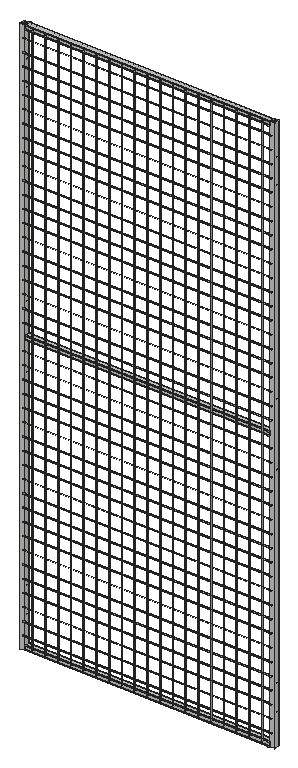
Revit family "Walls_Other_Troax_Separator_UR-350", category Furniture, Revit 2017
Family settings
  OmniClass Number = 23.25.40.00
  OmniClass Title = Space Division Products
  Work Plane-Based = No
  Always vertical = Yes
  Cut with Voids When Loaded = No
  Shared = No
  Room Calculation Point = No
Parameters (values of type "Caelum mesh panel UR350 1000mm")
  WarrantyStartDate [instance] = "n/a"
  WarrantyGuarantorParts = "n/a"
  WarrantyGuarantorLabor = "n/a"
  WarrantyDurationUnit = "Year"
  WarrantyDurationParts = "n/a"
  WarrantyDurationLabor = "n/a"
  WarrantyDescription = "n/a"
  WallType = ur350 1000 : ur350 1000
  WallPanelMainMaterial = Steel, Carbon
  VersionDate = "01/07/2020"  # constant formula
  Version = "1"  # constant formula
  Uniclass2015Reference = "Pr_25_71_57_60"
  Uniclass2015Description = "Partition panels"
  Uniclass2 = "Pr_25_71_57_60"
  URL = "https://www.troax.com/ro/warehouse-partitioning/warehouse-partitions-and-industrial-partitions#qt-related-product-index=1"
  Type Comments = ""
  TagNumber [instance] = "n/a"
  SustainabilityPerformance = "n/a"
  Size = "21x2200x1000 mm"
  Shape = "Sculptured"
  SerialNumber [instance] = "n/a"
  Revision = "2"  # constant formula
  ReplacementCost = "n/a"
  ProductInformation = "Caelum mesh partitioning is a modular system available in various widths and heights that is suitable for industrial storage applications."
  ProductDatasheet = "https://www.troax.com/sites/all/files/files/troax_-_ur_350_caelum_-_2013-07-03.pdf"
  NominalWidth = 1000 mm
  NominalThickness = 0 mm
  NominalHeight = 2200 mm
  NominalDepth = 21 mm
  Name = "Troax_Separator_UR-350_1000"
  NBSReference = "45-35-80/420"
  NBSDescription = "Panel partitions"
  ModelReference = "n/a"
  ModelNumber = "n/a"
  Material = "Carbon steel"
  ManufacturerURL = "https://www.troax.com/gb"
  ManufacturerName = "Troax"
  Model = "Caelum mesh panel UR350 1000mm"
  Manufacturer = "Troax"
  MainColor = "Grey"
  InstallationDate [instance] = "n/a"
  IfcExportType = "FENCE"  # constant formula
  IfcExportAs = "IfcSystemFurnitureElementTypePanel"  # constant formula
  HasOpening = yes
  Grade = "n/a"
  FurniturePanelType = "Other"  # constant formula
  Finish = "Powder coated as standard with a grey RAL 7037 finish; however other RAL colors are available upon request, panels can also be supplied hot dip galvanized for external use or in cold storage areas."
  Features = "Mesh panels can be modified on-site to fit any space; panels are constructed with a tubular welded frame that provides added strength; the system is fully demountable and relocatable"
  ExpectedLife = "n/a"
  DurationUnit = "Year"
  Description = "Caelum mesh partitioning is a modular system available in various widths and heights that is suitable for industrial storage applications. Mesh panels can be modified on-site to fit any space, providing security where required. Panels are constructed with a tubular welded frame that provides added strength. The system is fully demountable and relocatable, and allows natural light and ventilation. Panels are supplied powder coated as standard with a grey RAL 7037 finish; however other RAL colors are available upon request. Panels can also be supplied hot dip galvanized for external use or in cold storage areas."
  Cost = 0
  ConvergoRefNr = "0054-1811-0013-SE"
  Constituents = "Cut profile: various length to use after cut height on site; End profile UR/UX L=2200 to use after cut panel length on site; U-profile UR 19x19x2200 various length to use after cut on site"
  Color = "Grey"
  Collection = "Caelum"
  CodePerformance = "n/a"
  Barcode [instance] = "n/a"
  AssetIdentifier [instance] = "n/a"
  Category = "Mesh partitions"
  Brand = "Troax"
  BIMObjectName = "Walls_Other_Troax_Separator_UR-350"  # constant formula
  Author = "Convergo AB"  # constant formula
  AssetType = "Fixed"
  AccessibilityPerformance = "n/a"
Types (9, lengths in mm): name | WallType | Size | NominalWidth | Name | Model | ConvergoRefNr
  (no name) | ur350 1000 : ur350 1000 | "21x2200x1000 mm" | 1000 | "Troax_Separator_UR-350_1000" | "Caelum mesh panel UR350 1000mm" | "0054-1811-0013-SE"
  Caelum mesh panel UR350 200mm | ur350 200 : ur350 200 | "21x2200x200 mm" | 200 | "Troax_Separator_UR-350_200" | "Caelum mesh panel UR350 200mm" | "0054-1811-0008-SE"
  Caelum mesh panel UR350 300mm | ur350 300 : ur350 300 | "21x2200x300 mm" | 300 | "Troax_Separator_UR-350_300" | "Caelum mesh panel UR350 300mm" | "0054-1811-0009-SE"
  Caelum mesh panel UR350 500mm | ur350 500 : ur350 500 | "21x2200x500 mm" | 500 | "Troax_Separator_UR-350_500" | "Caelum mesh panel UR350 500mm" | "0054-1811-0010-SE"
  Caelum mesh panel UR350 700mm | ur350 700 : ur350 700 | "21x2200x700 mm" | 700 | "Troax_Separator_UR-350_700" | "Caelum mesh panel UR350 700mm" | "0054-1811-0011-SE"
  Caelum mesh panel UR350 800mm | ur350 800 : ur350 800 | "21x2200x800 mm" | 800 | "Troax_Separator_UR-350_800" | "Caelum mesh panel UR350 800mm" | "0054-1811-0012-SE"
  Caelum mesh panel UR350 1000mm | ur350 1000 : ur350 1000 | "21x2200x1000 mm" | 1000 | "Troax_Separator_UR-350_1000" | "Caelum mesh panel UR350 1000mm" | "0054-1811-0013-SE"
  Caelum mesh panel UR350 1200mm | ur350 1200 : ur350 1200 | "21x2200x1200 mm" | 1200 | "Troax_Separator_UR-350_1200" | "Caelum mesh panel UR350 1200mm" | "0054-1811-0014-SE"
  Caelum mesh panel UR350 1500mm | ur350 1500 : ur350 1500 | "21x2200x1500 mm" | 1500 | "Troax_Separator_UR-350_1500" | "Caelum mesh panel UR350 1500mm" | "0054-1811-0015-SE"
Reference planes
  plane 1 "Center (Front/Back)": y = 0
  plane 2: z = 0
  plane 3 "Center (Left/Right)": x = 0
  plane 4: x = -500
  plane 5: x = 500
  plane 6: y = 10.8
  plane 7: y = -10.2
  plane 8: z = 2200
Dimensions and locks
  "NominalDepth": plane 6 to plane 7
  equal spacing: plane 4, plane 3 "Center (Left/Right)", plane 5
  "NominalWidth": plane 4 to plane 5
  "NominalHeight": plane 8 to level
  aligned and locked: level to plane 2
Nested families
  nested 1: "ur350 1000" at (0, 0, 0), type <- "WallType", MeshMaterial <- "WallPanelMainMaterial", type "ur350 1000"
    with MeshMaterial Steel, Carbon
Definition of nested family "ur350 1000"
  Parameters (values of type "ur350 1000")
    MeshMaterial [instance] = none
  Reference planes
    plane 1 "Center (Front/Back)": y = 0
    plane 2: z = 0
    plane 3 "Center (Left/Right)": x = 0
    plane 4: x = 500
    plane 5: x = -500
    plane 6: y = 10.75
    plane 7: y = -10
    plane 8: z = 2200
  Forms (mm)
    Extrusion 1, solid, material <- "MeshMaterial", detail levels medium+fine
      sketch origin (0, 0.7, 0) x (1, 0, 0) y (0, 1, 0)
        loop
          circle (-50, -9.45) r 1.25
        loop
          circle (0, -9.45) r 1.25
        loop
          circle (50, -9.45) r 1.25
        loop
          circle (-100, -9.45) r 1.25
        loop
          circle (100, -9.45) r 1.25
        loop
          circle (-150, -9.45) r 1.25
        loop
          circle (-200, -9.45) r 1.25
        loop
          circle (150, -9.45) r 1.25
        loop
          circle (200, -9.45) r 1.25
        loop
          circle (-250, -9.45) r 1.25
        loop
          circle (-300, -9.45) r 1.25
        loop
          circle (250, -9.45) r 1.25
        loop
          circle (300, -9.45) r 1.25
        loop
          circle (-350, -9.45) r 1.25
        loop
          circle (350, -9.45) r 1.25
        loop
          circle (400, -9.45) r 1.25
        loop
          circle (450, -9.45) r 1.25
        loop
          circle (-400, -9.45) r 1.25
        loop
          circle (-450, -9.45) r 1.25
      from 10 to 2190
    Extrusion 2, solid, material <- "MeshMaterial", detail levels medium+fine
      sketch origin (0, 0.75, 0) x (0, 1, 0) y (0, 0, 1)
        loop
          arc (-9.75, 2150) -> (-7.709, 2149.032) -> (-8.25, 2151.225) r 1.25
          arc (-8.25, 2151.225) -> (-9.291, 2150.968) -> (-9.75, 2150) r 1.25
        loop
          arc (-9.75, 2050) -> (-7.709, 2049.032) -> (-8.25, 2051.225) r 1.25
          arc (-8.25, 2051.225) -> (-9.291, 2050.968) -> (-9.75, 2050) r 1.25
        loop
          arc (-9.75, 1950) -> (-7.709, 1949.032) -> (-8.25, 1951.225) r 1.25
          arc (-8.25, 1951.225) -> (-9.291, 1950.968) -> (-9.75, 1950) r 1.25
        loop
          arc (-9.75, 1850) -> (-7.709, 1849.032) -> (-8.25, 1851.225) r 1.25
          arc (-8.25, 1851.225) -> (-9.291, 1850.968) -> (-9.75, 1850) r 1.25
        loop
          arc (-9.75, 1750) -> (-7.709, 1749.032) -> (-8.25, 1751.225) r 1.25
          arc (-8.25, 1751.225) -> (-9.291, 1750.968) -> (-9.75, 1750) r 1.25
        loop
          arc (-9.75, 1650) -> (-7.709, 1649.032) -> (-8.25, 1651.225) r 1.25
          arc (-8.25, 1651.225) -> (-9.291, 1650.968) -> (-9.75, 1650) r 1.25
        loop
          arc (-9.75, 1550) -> (-7.709, 1549.032) -> (-8.25, 1551.225) r 1.25
          arc (-8.25, 1551.225) -> (-9.291, 1550.968) -> (-9.75, 1550) r 1.25
        loop
          arc (-9.75, 1450) -> (-7.709, 1449.032) -> (-8.25, 1451.225) r 1.25
          arc (-8.25, 1451.225) -> (-9.291, 1450.968) -> (-9.75, 1450) r 1.25
        loop
          arc (-9.75, 1350) -> (-7.709, 1349.032) -> (-8.25, 1351.225) r 1.25
          arc (-8.25, 1351.225) -> (-9.291, 1350.968) -> (-9.75, 1350) r 1.25
        loop
          arc (-9.75, 1250) -> (-7.709, 1249.032) -> (-8.25, 1251.225) r 1.25
          arc (-8.25, 1251.225) -> (-9.291, 1250.968) -> (-9.75, 1250) r 1.25
        loop
          arc (-9.75, 1150) -> (-7.709, 1149.032) -> (-8.25, 1151.225) r 1.25
          arc (-8.25, 1151.225) -> (-9.291, 1150.968) -> (-9.75, 1150) r 1.25
        loop
          arc (-9.75, 1050) -> (-7.709, 1049.032) -> (-8.25, 1051.225) r 1.25
          arc (-8.25, 1051.225) -> (-9.291, 1050.968) -> (-9.75, 1050) r 1.25
        loop
          arc (-9.75, 950) -> (-7.709, 949.032) -> (-8.25, 951.225) r 1.25
          arc (-8.25, 951.225) -> (-9.291, 950.968) -> (-9.75, 950) r 1.25
        loop
          arc (-9.75, 850) -> (-7.709, 849.032) -> (-8.25, 851.225) r 1.25
          arc (-8.25, 851.225) -> (-9.291, 850.968) -> (-9.75, 850) r 1.25
        loop
          arc (-9.75, 750) -> (-7.709, 749.032) -> (-8.25, 751.225) r 1.25
          arc (-8.25, 751.225) -> (-9.291, 750.968) -> (-9.75, 750) r 1.25
        loop
          arc (-9.75, 650) -> (-7.709, 649.032) -> (-8.25, 651.225) r 1.25
          arc (-8.25, 651.225) -> (-9.291, 650.968) -> (-9.75, 650) r 1.25
        loop
          arc (-9.75, 550) -> (-7.709, 549.032) -> (-8.25, 551.225) r 1.25
          arc (-8.25, 551.225) -> (-9.291, 550.968) -> (-9.75, 550) r 1.25
        loop
          arc (-9.75, 450) -> (-7.709, 449.032) -> (-8.25, 451.225) r 1.25
          arc (-8.25, 451.225) -> (-9.291, 450.968) -> (-9.75, 450) r 1.25
        loop
          arc (-9.75, 350) -> (-7.709, 349.032) -> (-8.25, 351.225) r 1.25
          arc (-8.25, 351.225) -> (-9.291, 350.968) -> (-9.75, 350) r 1.25
        loop
          arc (-9.75, 250) -> (-7.709, 249.032) -> (-8.25, 251.225) r 1.25
          arc (-8.25, 251.225) -> (-9.291, 250.968) -> (-9.75, 250) r 1.25
        loop
          arc (-9.75, 150) -> (-7.709, 149.032) -> (-8.25, 151.225) r 1.25
          arc (-8.25, 151.225) -> (-9.291, 150.968) -> (-9.75, 150) r 1.25
        loop
          arc (-9.75, 50) -> (-7.709, 49.032) -> (-8.25, 51.225) r 1.25
          arc (-8.25, 51.225) -> (-9.291, 50.968) -> (-9.75, 50) r 1.25
        loop
          arc (-9.75, 2100) -> (-7.709, 2099.032) -> (-8.25, 2101.225) r 1.25
          arc (-8.25, 2101.225) -> (-9.291, 2100.968) -> (-9.75, 2100) r 1.25
        loop
          arc (-9.75, 2000) -> (-7.709, 1999.032) -> (-8.25, 2001.225) r 1.25
          arc (-8.25, 2001.225) -> (-9.291, 2000.968) -> (-9.75, 2000) r 1.25
        loop
          arc (-9.75, 1900) -> (-7.709, 1899.032) -> (-8.25, 1901.225) r 1.25
          arc (-8.25, 1901.225) -> (-9.291, 1900.968) -> (-9.75, 1900) r 1.25
        loop
          arc (-9.75, 1800) -> (-7.709, 1799.032) -> (-8.25, 1801.225) r 1.25
          arc (-8.25, 1801.225) -> (-9.291, 1800.968) -> (-9.75, 1800) r 1.25
        loop
          arc (-9.75, 1700) -> (-7.709, 1699.032) -> (-8.25, 1701.225) r 1.25
          arc (-8.25, 1701.225) -> (-9.291, 1700.968) -> (-9.75, 1700) r 1.25
        loop
          arc (-9.75, 1600) -> (-7.709, 1599.032) -> (-8.25, 1601.225) r 1.25
          arc (-8.25, 1601.225) -> (-9.291, 1600.968) -> (-9.75, 1600) r 1.25
        loop
          arc (-9.75, 1500) -> (-7.709, 1499.032) -> (-8.25, 1501.225) r 1.25
          arc (-8.25, 1501.225) -> (-9.291, 1500.968) -> (-9.75, 1500) r 1.25
        loop
          arc (-9.75, 1400) -> (-7.709, 1399.032) -> (-8.25, 1401.225) r 1.25
          arc (-8.25, 1401.225) -> (-9.291, 1400.968) -> (-9.75, 1400) r 1.25
        loop
          arc (-9.75, 1300) -> (-7.709, 1299.032) -> (-8.25, 1301.225) r 1.25
          arc (-8.25, 1301.225) -> (-9.291, 1300.968) -> (-9.75, 1300) r 1.25
        loop
          arc (-9.75, 1200) -> (-7.709, 1199.032) -> (-8.25, 1201.225) r 1.25
          arc (-8.25, 1201.225) -> (-9.291, 1200.968) -> (-9.75, 1200) r 1.25
        loop
          arc (-9.75, 1000) -> (-7.709, 999.032) -> (-8.25, 1001.225) r 1.25
          arc (-8.25, 1001.225) -> (-9.291, 1000.968) -> (-9.75, 1000) r 1.25
        loop
          arc (-9.75, 900) -> (-7.709, 899.032) -> (-8.25, 901.225) r 1.25
          arc (-8.25, 901.225) -> (-9.291, 900.968) -> (-9.75, 900) r 1.25
        loop
          arc (-9.75, 800) -> (-7.709, 799.032) -> (-8.25, 801.225) r 1.25
          arc (-8.25, 801.225) -> (-9.291, 800.968) -> (-9.75, 800) r 1.25
        loop
          arc (-9.75, 700) -> (-7.709, 699.032) -> (-8.25, 701.225) r 1.25
          arc (-8.25, 701.225) -> (-9.291, 700.968) -> (-9.75, 700) r 1.25
        loop
          arc (-9.75, 600) -> (-7.709, 599.032) -> (-8.25, 601.225) r 1.25
          arc (-8.25, 601.225) -> (-9.291, 600.968) -> (-9.75, 600) r 1.25
        loop
          arc (-9.75, 500) -> (-7.709, 499.032) -> (-8.25, 501.225) r 1.25
          arc (-8.25, 501.225) -> (-9.291, 500.968) -> (-9.75, 500) r 1.25
        loop
          arc (-9.75, 400) -> (-7.709, 399.032) -> (-8.25, 401.225) r 1.25
          arc (-8.25, 401.225) -> (-9.291, 400.968) -> (-9.75, 400) r 1.25
        loop
          arc (-9.75, 300) -> (-7.709, 299.032) -> (-8.25, 301.225) r 1.25
          arc (-8.25, 301.225) -> (-9.291, 300.968) -> (-9.75, 300) r 1.25
        loop
          arc (-9.75, 200) -> (-7.709, 199.032) -> (-8.25, 201.225) r 1.25
          arc (-8.25, 201.225) -> (-9.291, 200.968) -> (-9.75, 200) r 1.25
        loop
          arc (-9.75, 100) -> (-7.709, 99.032) -> (-8.25, 101.225) r 1.25
          arc (-8.25, 101.225) -> (-9.291, 100.968) -> (-9.75, 100) r 1.25
      from -490 to 490
    Extrusion 3, solid, material <- "MeshMaterial", detail levels medium+fine
      sketch origin (-400, 0, 0) x (1, 0, 0) y (0, 1, 0)
        loop
          line (-100, 9.45) -> (-100, -6.95)
          arc (-100, -6.95) -> (-99.619, -7.869) -> (-98.7, -8.25) r 1.3
          line (-98.7, -8.25) -> (-82.3, -8.25)
          arc (-82.3, -8.25) -> (-81.381, -7.869) -> (-81, -6.95) r 1.3
          line (-81, -6.95) -> (-81, 9.45)
          arc (-81, 9.45) -> (-81.381, 10.369) -> (-82.3, 10.75) r 1.3
          line (-82.3, 10.75) -> (-98.7, 10.75)
          arc (-98.7, 10.75) -> (-99.619, 10.369) -> (-100, 9.45) r 1.3
        loop
          line (-82, 9.75) -> (-99, 9.75) -> (-99, -7.25) -> (-82, -7.25) -> (-82, 9.75)
      from 0 to 2200
    Extrusion 4, solid, material <- "MeshMaterial", detail levels medium+fine
      sketch origin (150, 0, 0) x (-1, 0, 0) y (0, -1, 0)
        loop
          arc (-350, -9.45) -> (-349.619, -10.369) -> (-348.7, -10.75) r 1.3
          line (-348.7, -10.75) -> (-332.3, -10.75)
          arc (-332.3, -10.75) -> (-331.381, -10.369) -> (-331, -9.45) r 1.3
          line (-331, -9.45) -> (-331, 6.95)
          arc (-331, 6.95) -> (-331.381, 7.869) -> (-332.3, 8.25) r 1.3
          line (-332.3, 8.25) -> (-348.7, 8.25)
          arc (-348.7, 8.25) -> (-349.619, 7.869) -> (-350, 6.95) r 1.3
          line (-350, 6.95) -> (-350, -9.45)
        loop
          line (-332, -9.75) -> (-332, 7.25) -> (-349, 7.25) -> (-349, -9.75) -> (-332, -9.75)
      from 0 to 2200
    Extrusion 5, solid, material <- "MeshMaterial", detail levels medium+fine
      sketch origin (0, 0, -1090.5) x (0, 1, 0) y (0, 0, 1)
        loop
          line (9.45, 2200) -> (-7.05, 2200)
          arc (-7.05, 2200) -> (-8.263, 2198.25) -> (-7.05, 2196.5) r 1.869
          line (-7.05, 2196.5) -> (-7.05, 2184.5)
          arc (-7.05, 2184.5) -> (-8.251, 2182.75) -> (-7.05, 2181) r 1.875
          line (-7.05, 2181) -> (9.45, 2181)
          arc (9.45, 2181) -> (10.369, 2181.381) -> (10.75, 2182.3) r 1.3
          line (10.75, 2182.3) -> (10.75, 2198.7)
          arc (10.75, 2198.7) -> (10.369, 2199.619) -> (9.45, 2200) r 1.3
        loop
          line (9.75, 2182) -> (9.75, 2199) -> (-6.05, 2199) -> (-6.05, 2182) -> (9.75, 2182)
      from -481 to 481
    Extrusion 6, solid, material <- "MeshMaterial", detail levels medium+fine
      sketch origin (0, 0, 0) x (0, 1, 0) y (0, 0, 1)
        loop
          line (9.45, 2200) -> (-7.05, 2200)
          arc (-7.05, 2200) -> (-8.263, 2198.25) -> (-7.05, 2196.5) r 1.869
          line (-7.05, 2196.5) -> (-7.05, 2184.5)
          arc (-7.05, 2184.5) -> (-8.251, 2182.75) -> (-7.05, 2181) r 1.875
          line (-7.05, 2181) -> (9.45, 2181)
          arc (9.45, 2181) -> (10.369, 2181.381) -> (10.75, 2182.3) r 1.3
          line (10.75, 2182.3) -> (10.75, 2198.7)
          arc (10.75, 2198.7) -> (10.369, 2199.619) -> (9.45, 2200) r 1.3
        loop
          line (9.75, 2182) -> (9.75, 2199) -> (-6.05, 2199) -> (-6.05, 2182) -> (9.75, 2182)
      from -481 to 481
    Extrusion 7, solid, material <- "MeshMaterial", detail levels medium+fine
      sketch origin (0, 0, -2181) x (0, 1, 0) y (0, 0, 1)
        loop
          line (9.45, 2200) -> (-7.05, 2200)
          arc (-7.05, 2200) -> (-8.263, 2198.25) -> (-7.05, 2196.5) r 1.869
          line (-7.05, 2196.5) -> (-7.05, 2184.5)
          arc (-7.05, 2184.5) -> (-8.251, 2182.75) -> (-7.05, 2181) r 1.875
          line (-7.05, 2181) -> (9.45, 2181)
          arc (9.45, 2181) -> (10.369, 2181.381) -> (10.75, 2182.3) r 1.3
          line (10.75, 2182.3) -> (10.75, 2198.7)
          arc (10.75, 2198.7) -> (10.369, 2199.619) -> (9.45, 2200) r 1.3
        loop
          line (9.75, 2182) -> (9.75, 2199) -> (-6.05, 2199) -> (-6.05, 2182) -> (9.75, 2182)
      from -481 to 481
    Extrusion 8, void
      sketch origin (0, 0, 0) x (0, 1, 0) y (0, 0, 1)
        loop
          circle (1.25, 2075) r 5
        loop
          circle (1.25, 1975) r 5
        loop
          circle (1.25, 1225) r 5
        loop
          circle (1.25, 975) r 5
        loop
          circle (1.25, 225) r 5
        loop
          circle (1.25, 125) r 5
      from -2443.968 to 2106.031
    Extrusion 9, solid, material <- "MeshMaterial", detail levels coarse
      sketch origin (0, 0, 0) x (1, 0, 0) y (0, 1, 0)
        loop
          line (-500, -10) -> (500, -10) -> (500, 10.75) -> (-500, 10.75) -> (-500, -10)
      from 0 to 2200
  Cuts and joins
    Extrusion 8 cuts Extrusion 4
    Extrusion 8 cuts Extrusion 3
  Lines and regions (mm)
    symbolic lines, detail levels medium+fine
      curve 1: line (0, 10.75, 2200) -> (0, 10.75, 0)
      curve 2: line (0, 10.75, 0) -> (0, -8.25, 0)
      curve 3: line (0, -8.25, 0) -> (0, -8.25, 10)
      curve 4: line (0, -8.25, 10) -> (0, -10, 10)
      curve 5: line (0, -10, 10) -> (0, -10, 2190)
      curve 6: line (0, -10, 2190) -> (0, -8.25, 2190)
      curve 7: line (0, -8.25, 2190) -> (0, -8.25, 2200)
      curve 8: line (0, -8.25, 2200) -> (0, 10.75, 2200)
      curve 22: line (-500, 0, 2200) -> (500, 0, 2200)
      curve 23: line (-500, 0, 0) -> (-500, 0, 2200)
      curve 24: line (500, 0, 0) -> (-500, 0, 0)
      curve 25: line (500, 0, 2200) -> (500, 0, 0)
    symbolic lines, detail levels fine
      curve 9: line (0, -8.25, 2190) -> (0, -8.25, 10)
      curve 10: arc (0, 6.25, 2075) -> (0, 1.25, 2080) -> (0, -3.75, 2075) r 5
      curve 11: arc (0, -3.75, 2075) -> (0, 1.25, 2070) -> (0, 6.25, 2075) r 5
      curve 12: arc (0, 6.25, 1975) -> (0, 1.25, 1980) -> (0, -3.75, 1975) r 5
      curve 13: arc (0, -3.75, 1975) -> (0, 1.25, 1970) -> (0, 6.25, 1975) r 5
      curve 14: arc (0, 6.25, 1225) -> (0, 1.25, 1230) -> (0, -3.75, 1225) r 5
      curve 15: arc (0, -3.75, 1225) -> (0, 1.25, 1220) -> (0, 6.25, 1225) r 5
      curve 16: arc (0, -3.75, 975) -> (0, 1.25, 970) -> (0, 6.25, 975) r 5
      curve 17: arc (0, 6.25, 975) -> (0, 1.25, 980) -> (0, -3.75, 975) r 5
      curve 18: arc (0, 6.25, 225) -> (0, 1.25, 230) -> (0, -3.75, 225) r 5
      curve 19: arc (0, -3.75, 225) -> (0, 1.25, 220) -> (0, 6.25, 225) r 5
      curve 20: arc (0, 6.25, 125) -> (0, 1.25, 130) -> (0, -3.75, 125) r 5
      curve 21: arc (0, -3.75, 125) -> (0, 1.25, 120) -> (0, 6.25, 125) r 5
      curve 26: line (-481, 0, 3.5) -> (481, 0, 3.5)
      curve 27: line (-481, 0, 48.75) -> (-481, 0, 0)
      curve 28: line (-481, 0, 2196.5) -> (481, 0, 2196.5)
      curve 29: line (-500, 9.45, 0) -> (-500, -6.95, 0)
      curve 30: arc (-498.7, 10.75, 0) -> (-499.619, 10.369, 0) -> (-500, 9.45, 0) r 1.3
      curve 31: line (-482.3, 10.75, 0) -> (-498.7, 10.75, 0)
      curve 32: arc (-481, 9.45, 0) -> (-481.381, 10.369, 0) -> (-482.3, 10.75, 0) r 1.3
      curve 33: line (-481, 9.45, 0) -> (-481, 10.75, 0)
      curve 34: arc (-500, -6.95, 0) -> (-499.619, -7.869, 0) -> (-498.7, -8.25, 0) r 1.3
      curve 35: line (-498.7, -8.25, 0) -> (-490, -8.25, 0)
      curve 36: line (-490, -9.05, 0) -> (-451.225, -9.05, 0)
      curve 37: arc (-51.225, -9.05, 0) -> (-50.001, -10, 0) -> (-48.776, -9.053, 0) r 1.265
      curve 38: line (-48.776, -9.053, 0) -> (-1.224, -9.053, 0)
      curve 39: arc (-1.224, -9.053, 0) -> (0, -10, 0) -> (1.224, -9.053, 0) r 1.265
      curve 40: line (500, 9.45, 0) -> (500, -6.95, 0)
      curve 41: arc (498.7, 10.75, 0) -> (499.619, 10.369, 0) -> (500, 9.45, 0) r 1.3
      curve 42: line (482.3, 10.75, 0) -> (498.7, 10.75, 0)
      curve 43: arc (481, 9.45, 0) -> (481.381, 10.369, 0) -> (482.3, 10.75, 0) r 1.3
      curve 44: line (481, 9.45, 0) -> (481, 10.75, 0)
      curve 45: arc (500, -6.95, 0) -> (499.619, -7.869, 0) -> (498.7, -8.25, 0) r 1.3
      curve 46: line (498.7, -8.25, 0) -> (490, -8.25, 0)
      curve 47: line (490, -9.05, 0) -> (451.225, -9.05, 0)
      curve 48: arc (51.225, -9.05, 0) -> (50.001, -10, 0) -> (48.776, -9.053, 0) r 1.265
      curve 49: line (48.776, -9.053, 0) -> (1.224, -9.053, 0)
      curve 50: line (-481, 10.75, 0) -> (481, 10.75, 0)
      curve 51: line (-499, -7.25, 0) -> (-499, 9.75, 0)
      curve 52: line (-499, 9.75, 0) -> (-482, 9.75, 0)
      curve 53: line (-482, 9.75, 0) -> (-482, -7.25, 0)
      curve 54: line (-482, -7.25, 0) -> (-499, -7.25, 0)
      curve 55: line (-490, -8.25, 0) -> (-482.3, -8.25, 0)
      curve 56: arc (-482.3, -8.25, 0) -> (-481.381, -7.869, 0) -> (-481, -6.95, 0) r 1.3
      curve 57: line (-481, -6.95, 0) -> (-481, 9.45, 0)
      curve 58: line (482, -7.25, 0) -> (482, 9.75, 0)
      curve 59: line (482, 9.75, 0) -> (499, 9.75, 0)
      curve 60: line (499, 9.75, 0) -> (499, -7.25, 0)
      curve 61: line (499, -7.25, 0) -> (482, -7.25, 0)
      curve 62: line (481, 9.45, 0) -> (481, -7, 0)
      curve 63: arc (481, -7, 0) -> (481.366, -7.884, 0) -> (482.25, -8.25, 0) r 1.25
      curve 64: line (490, -8.25, 0) -> (482.25, -8.25, 0)
      curve 65: line (481, 0, 2200) -> (481, 0, 0)
      curve 66: arc (98.775, -9.05, 0) -> (99.999, -10, 0) -> (101.224, -9.053, 0) r 1.265
      curve 67: line (98.775, -9.05, 0) -> (51.225, -9.05, 0)
      curve 68: arc (-98.775, -9.05, 0) -> (-99.999, -10, 0) -> (-101.224, -9.053, 0) r 1.265
      curve 69: line (-98.775, -9.05, 0) -> (-51.225, -9.05, 0)
      curve 70: arc (-151.225, -9.05, 0) -> (-150.001, -10, 0) -> (-148.776, -9.053, 0) r 1.265
      curve 71: line (-148.776, -9.053, 0) -> (-101.224, -9.053, 0)
      curve 72: arc (-198.775, -9.05, 0) -> (-199.999, -10, 0) -> (-201.224, -9.053, 0) r 1.265
      curve 73: line (-198.775, -9.05, 0) -> (-151.225, -9.05, 0)
      curve 74: arc (-251.225, -9.05, 0) -> (-250.001, -10, 0) -> (-248.776, -9.053, 0) r 1.265
      curve 75: line (-248.776, -9.053, 0) -> (-201.224, -9.053, 0)
      curve 76: arc (-298.775, -9.05, 0) -> (-300, -10, 0) -> (-301.225, -9.05, 0) r 1.265
      curve 77: line (-298.775, -9.05, 0) -> (-251.225, -9.05, 0)
      curve 78: arc (151.225, -9.05, 0) -> (150.001, -10, 0) -> (148.776, -9.053, 0) r 1.265
      curve 79: line (148.776, -9.053, 0) -> (101.224, -9.053, 0)
      curve 80: arc (198.775, -9.05, 0) -> (199.999, -10, 0) -> (201.224, -9.053, 0) r 1.265
      curve 81: line (198.775, -9.05, 0) -> (151.225, -9.05, 0)
      curve 82: arc (251.225, -9.05, 0) -> (250.001, -10, 0) -> (248.776, -9.053, 0) r 1.265
      curve 83: line (248.776, -9.053, 0) -> (201.224, -9.053, 0)
      curve 84: arc (298.775, -9.05, 0) -> (300, -10, 0) -> (301.225, -9.05, 0) r 1.265
      curve 85: line (298.775, -9.05, 0) -> (251.225, -9.05, 0)
      curve 86: arc (-348.775, -9.05, 0) -> (-350, -10, 0) -> (-351.225, -9.05, 0) r 1.265
      curve 87: line (-348.775, -9.05, 0) -> (-301.225, -9.05, 0)
      curve 88: arc (348.775, -9.05, 0) -> (350, -10, 0) -> (351.225, -9.05, 0) r 1.265
      curve 89: line (348.775, -9.05, 0) -> (301.225, -9.05, 0)
      curve 90: arc (-398.775, -9.05, 0) -> (-400, -10, 0) -> (-401.225, -9.05, 0) r 1.265
      curve 91: line (-398.775, -9.05, 0) -> (-351.225, -9.05, 0)
      curve 92: arc (-448.775, -9.05, 0) -> (-450, -10, 0) -> (-451.225, -9.05, 0) r 1.265
      curve 93: line (-448.775, -9.05, 0) -> (-401.225, -9.05, 0)
      curve 94: arc (398.775, -9.05, 0) -> (400, -10, 0) -> (401.225, -9.05, 0) r 1.265
      curve 95: line (398.775, -9.05, 0) -> (351.225, -9.05, 0)
      curve 96: arc (448.775, -9.05, 0) -> (450, -10, 0) -> (451.225, -9.05, 0) r 1.265
      curve 97: line (448.775, -9.05, 0) -> (401.225, -9.05, 0)
      curve 98: line (-490, -8.25, 0) -> (-490, -9.05, 0)
      curve 99: line (490, -8.25, 0) -> (490, -9.05, 0)
      curve 100: line (-490, -7.25, 0) -> (-490, -6.45, 0)
      curve 101: line (-490, -6.45, 0) -> (-482, -6.45, 0)
      curve 102: line (-481, -8.25, 0) -> (481, -8.25, 0)
      curve 103: line (-481, -6.95, 0) -> (-481, -8.25, 0)
      curve 104: line (481, -7, 0) -> (481, -8.25, 0)
      curve 105: line (490, -7.25, 0) -> (490, -6.45, 0)
      curve 106: line (490, -6.45, 0) -> (482, -6.45, 0)
      curve 107: arc (0, -8.25, 51.146) -> (0, -9, 50) -> (0, -8.25, 48.854) r 1.25
      curve 108: arc (0, -8.25, 101.146) -> (0, -9, 100) -> (0, -8.25, 98.854) r 1.25
      curve 109: arc (0, -8.25, 151.146) -> (0, -9, 150) -> (0, -8.25, 148.854) r 1.25
      curve 110: arc (0, -8.25, 201.146) -> (0, -9, 200) -> (0, -8.25, 198.854) r 1.25
      curve 111: arc (0, -8.25, 251.146) -> (0, -9, 250) -> (0, -8.25, 248.854) r 1.25
      curve 112: arc (0, -8.25, 301.146) -> (0, -9, 300) -> (0, -8.25, 298.854) r 1.25
      curve 113: arc (0, -8.25, 351.146) -> (0, -9, 350) -> (0, -8.25, 348.854) r 1.25
      curve 114: arc (0, -8.25, 401.146) -> (0, -9, 400) -> (0, -8.25, 398.854) r 1.25
      curve 115: arc (0, -8.25, 451.146) -> (0, -9, 450) -> (0, -8.25, 448.854) r 1.25
      curve 116: arc (0, -8.25, 501.146) -> (0, -9, 500) -> (0, -8.25, 498.854) r 1.25
      curve 117: arc (0, -8.25, 551.146) -> (0, -9, 550) -> (0, -8.25, 548.854) r 1.25
      curve 118: arc (0, -8.25, 601.146) -> (0, -9, 600) -> (0, -8.25, 598.854) r 1.25
      curve 119: arc (0, -8.25, 651.146) -> (0, -9, 650) -> (0, -8.25, 648.854) r 1.25
      curve 120: arc (0, -8.25, 701.146) -> (0, -9, 700) -> (0, -8.25, 698.854) r 1.25
      curve 121: arc (0, -8.25, 751.146) -> (0, -9, 750) -> (0, -8.25, 748.854) r 1.25
      curve 122: arc (0, -8.25, 801.146) -> (0, -9, 800) -> (0, -8.25, 798.854) r 1.25
      curve 123: arc (0, -8.25, 851.146) -> (0, -9, 850) -> (0, -8.25, 848.854) r 1.25
      curve 124: arc (0, -8.25, 901.146) -> (0, -9, 900) -> (0, -8.25, 898.854) r 1.25
      curve 125: arc (0, -8.25, 951.146) -> (0, -9, 950) -> (0, -8.25, 948.854) r 1.25
      curve 126: arc (0, -8.25, 1001.146) -> (0, -9, 1000) -> (0, -8.25, 998.854) r 1.25
      curve 127: arc (0, -8.25, 1051.146) -> (0, -9, 1050) -> (0, -8.25, 1048.854) r 1.25
      curve 128: arc (0, -8.25, 1151.146) -> (0, -9, 1150) -> (0, -8.25, 1148.854) r 1.25
      curve 129: arc (0, -8.25, 1201.146) -> (0, -9, 1200) -> (0, -8.25, 1198.854) r 1.25
      curve 130: arc (0, -8.25, 1251.146) -> (0, -9, 1250) -> (0, -8.25, 1248.854) r 1.25
      curve 131: arc (0, -8.25, 1301.146) -> (0, -9, 1300) -> (0, -8.25, 1298.854) r 1.25
      curve 132: arc (0, -8.25, 1351.146) -> (0, -9, 1350) -> (0, -8.25, 1348.854) r 1.25
      curve 133: arc (0, -8.25, 1401.146) -> (0, -9, 1400) -> (0, -8.25, 1398.854) r 1.25
      curve 134: arc (0, -8.25, 1451.146) -> (0, -9, 1450) -> (0, -8.25, 1448.854) r 1.25
      curve 135: arc (0, -8.25, 1501.146) -> (0, -9, 1500) -> (0, -8.25, 1498.854) r 1.25
      curve 136: arc (0, -8.25, 1551.146) -> (0, -9, 1550) -> (0, -8.25, 1548.854) r 1.25
      curve 137: arc (0, -8.25, 1601.146) -> (0, -9, 1600) -> (0, -8.25, 1598.854) r 1.25
      curve 138: arc (0, -8.25, 1701.146) -> (0, -9, 1700) -> (0, -8.25, 1698.854) r 1.25
      curve 139: arc (0, -8.25, 1751.146) -> (0, -9, 1750) -> (0, -8.25, 1748.854) r 1.25
      curve 140: arc (0, -8.25, 1801.146) -> (0, -9, 1800) -> (0, -8.25, 1798.854) r 1.25
      curve 141: arc (0, -8.25, 1851.146) -> (0, -9, 1850) -> (0, -8.25, 1848.854) r 1.25
      curve 142: arc (0, -8.25, 1901.146) -> (0, -9, 1900) -> (0, -8.25, 1898.854) r 1.25
      curve 143: arc (0, -8.25, 1951.146) -> (0, -9, 1950) -> (0, -8.25, 1948.854) r 1.25
      curve 144: arc (0, -8.25, 2001.146) -> (0, -9, 2000) -> (0, -8.25, 1998.854) r 1.25
      curve 145: arc (0, -8.25, 2051.146) -> (0, -9, 2050) -> (0, -8.25, 2048.854) r 1.25
      curve 146: arc (0, -8.25, 2101.146) -> (0, -9, 2100) -> (0, -8.25, 2098.854) r 1.25
      curve 147: arc (0, -8.25, 2151.146) -> (0, -9, 2150) -> (0, -8.25, 2148.854) r 1.25
      curve 148: arc (-451.146, -8.25, 0) -> (-451.246, -8.645, 0) -> (-451.213, -9.05, 0) r 1.25
      curve 149: arc (-401.146, -8.25, 0) -> (-401.246, -8.645, 0) -> (-401.213, -9.05, 0) r 1.25
      curve 150: arc (-398.854, -8.25, 0) -> (-398.754, -8.645, 0) -> (-398.787, -9.05, 0) r 1.25
      curve 151: arc (-351.146, -8.25, 0) -> (-351.246, -8.645, 0) -> (-351.213, -9.05, 0) r 1.25
      curve 152: arc (-348.854, -8.25, 0) -> (-348.754, -8.645, 0) -> (-348.787, -9.05, 0) r 1.25
      curve 153: arc (-301.146, -8.25, 0) -> (-301.246, -8.645, 0) -> (-301.213, -9.05, 0) r 1.25
      curve 154: arc (-298.854, -8.25, 0) -> (-298.754, -8.645, 0) -> (-298.787, -9.05, 0) r 1.25
      curve 155: arc (-251.146, -8.25, 0) -> (-251.246, -8.645, 0) -> (-251.213, -9.05, 0) r 1.25
      curve 156: arc (-248.854, -8.25, 0) -> (-248.754, -8.645, 0) -> (-248.787, -9.05, 0) r 1.25
      curve 157: arc (-201.146, -8.25, 0) -> (-201.246, -8.645, 0) -> (-201.213, -9.05, 0) r 1.25
      curve 158: arc (-198.854, -8.25, 0) -> (-198.754, -8.645, 0) -> (-198.787, -9.05, 0) r 1.25
      curve 159: arc (-151.146, -8.25, 0) -> (-151.246, -8.645, 0) -> (-151.213, -9.05, 0) r 1.25
      curve 160: arc (-148.854, -8.25, 0) -> (-148.754, -8.645, 0) -> (-148.787, -9.05, 0) r 1.25
      curve 161: arc (-101.146, -8.25, 0) -> (-101.246, -8.645, 0) -> (-101.213, -9.05, 0) r 1.25
      curve 162: arc (-98.854, -8.25, 0) -> (-98.754, -8.645, 0) -> (-98.787, -9.05, 0) r 1.25
      curve 163: arc (-51.146, -8.25, 0) -> (-51.246, -8.645, 0) -> (-51.213, -9.05, 0) r 1.25
      curve 164: arc (-48.854, -8.25, 0) -> (-48.754, -8.645, 0) -> (-48.787, -9.05, 0) r 1.25
      curve 165: arc (-1.146, -8.25, 0) -> (-1.246, -8.645, 0) -> (-1.213, -9.05, 0) r 1.25
      curve 166: arc (1.146, -8.25, 0) -> (1.246, -8.645, 0) -> (1.213, -9.05, 0) r 1.25
      curve 167: arc (48.854, -8.25, 0) -> (48.754, -8.645, 0) -> (48.787, -9.05, 0) r 1.25
      curve 168: arc (51.146, -8.25, 0) -> (51.246, -8.645, 0) -> (51.213, -9.05, 0) r 1.25
      curve 169: arc (98.854, -8.25, 0) -> (98.754, -8.645, 0) -> (98.787, -9.05, 0) r 1.25
      curve 170: arc (101.146, -8.25, 0) -> (101.246, -8.645, 0) -> (101.213, -9.05, 0) r 1.25
      curve 171: arc (148.854, -8.25, 0) -> (148.754, -8.645, 0) -> (148.787, -9.05, 0) r 1.25
      curve 172: arc (151.146, -8.25, 0) -> (151.246, -8.645, 0) -> (151.213, -9.05, 0) r 1.25
      curve 173: arc (198.854, -8.25, 0) -> (198.754, -8.645, 0) -> (198.787, -9.05, 0) r 1.25
      curve 174: arc (201.146, -8.25, 0) -> (201.246, -8.645, 0) -> (201.213, -9.05, 0) r 1.25
      curve 175: arc (248.854, -8.25, 0) -> (248.754, -8.645, 0) -> (248.787, -9.05, 0) r 1.25
      curve 176: arc (251.146, -8.25, 0) -> (251.246, -8.645, 0) -> (251.213, -9.05, 0) r 1.25
      curve 177: arc (298.854, -8.25, 0) -> (298.754, -8.645, 0) -> (298.787, -9.05, 0) r 1.25
      curve 178: arc (301.146, -8.25, 0) -> (301.246, -8.645, 0) -> (301.213, -9.05, 0) r 1.25
      curve 179: arc (348.854, -8.25, 0) -> (348.754, -8.645, 0) -> (348.787, -9.05, 0) r 1.25
      curve 180: arc (351.146, -8.25, 0) -> (351.246, -8.645, 0) -> (351.213, -9.05, 0) r 1.25
      curve 181: arc (398.854, -8.25, 0) -> (398.754, -8.645, 0) -> (398.787, -9.05, 0) r 1.25
      curve 182: arc (401.146, -8.25, 0) -> (401.246, -8.645, 0) -> (401.213, -9.05, 0) r 1.25
      curve 183: arc (448.854, -8.25, 0) -> (448.754, -8.645, 0) -> (448.787, -9.05, 0) r 1.25
      curve 184: arc (451.146, -8.25, 0) -> (451.246, -8.645, 0) -> (451.213, -9.05, 0) r 1.25
      curve 185: arc (0, -8.25, 1651.146) -> (0, -9, 1650) -> (0, -8.25, 1648.854) r 1.25
      curve 186: arc (-448.854, -8.25, 0) -> (-448.754, -8.645, 0) -> (-448.787, -9.05, 0) r 1.25
      curve 191: line (-481, 0, 2200) -> (-481, 0, 0)
      curve 192: line (-481, 0, 2181) -> (481, 0, 2181)
      curve 193: line (-481, 0, 2184.5) -> (481, 0, 2184.5)
      curve 194: line (-450, 0, 2190) -> (-450, 0, 10)
      curve 195: line (-400, 0, 2190) -> (-400, 0, 10)
      curve 196: line (-350, 0, 2190) -> (-350, 0, 10)
      curve 197: line (-300, 0, 2190) -> (-300, 0, 10)
      curve 198: line (-250, 0, 2190) -> (-250, 0, 10)
      curve 199: line (-200, 0, 2190) -> (-200, 0, 10)
      curve 200: line (-150, 0, 2190) -> (-150, 0, 10)
      curve 201: line (-100, 0, 2190) -> (-100, 0, 10)
      curve 202: line (-50, 0, 2190) -> (-50, 0, 10)
      curve 203: line (450, 0, 2190) -> (450, 0, 10)
      curve 204: line (400, 0, 2190) -> (400, 0, 10)
      curve 205: line (350, 0, 2190) -> (350, 0, 10)
      curve 206: line (300, 0, 2190) -> (300, 0, 10)
      curve 207: line (250, 0, 2190) -> (250, 0, 10)
      curve 208: line (200, 0, 2190) -> (200, 0, 10)
      curve 209: line (150, 0, 2190) -> (150, 0, 10)
      curve 210: line (100, 0, 2190) -> (100, 0, 10)
      curve 211: line (50, 0, 2190) -> (50, 0, 10)
      curve 212: line (0, 0, 2190) -> (0, 0, 10)
      curve 213: line (481, 0, 15.5) -> (-481, 0, 15.5)
      curve 214: line (481, 0, 19) -> (-481, 0, 19)
      curve 215: line (-490, 0, 2150) -> (490, 0, 2150)
      curve 216: line (-490, 0, 2100) -> (490, 0, 2100)
      curve 217: line (-490, 0, 2050) -> (490, 0, 2050)
      curve 218: line (-490, 0, 2000) -> (490, 0, 2000)
      curve 219: line (-490, 0, 1950) -> (490, 0, 1950)
      curve 220: line (-490, 0, 1900) -> (490, 0, 1900)
      curve 221: line (-490, 0, 1850) -> (490, 0, 1850)
      curve 222: line (-490, 0, 1800) -> (490, 0, 1800)
      curve 223: line (-490, 0, 1750) -> (490, 0, 1750)
      curve 224: line (-490, 0, 1700) -> (490, 0, 1700)
      curve 225: line (-490, 0, 1650) -> (490, 0, 1650)
      curve 226: line (-490, 0, 1600) -> (490, 0, 1600)
      curve 227: line (-490, 0, 1550) -> (490, 0, 1550)
      curve 228: line (-490, 0, 1500) -> (490, 0, 1500)
      curve 229: line (-490, 0, 1450) -> (490, 0, 1450)
      curve 230: line (-490, 0, 1400) -> (490, 0, 1400)
      curve 231: line (-490, 0, 1350) -> (490, 0, 1350)
      curve 232: line (-490, 0, 1300) -> (490, 0, 1300)
      curve 233: line (-490, 0, 1250) -> (490, 0, 1250)
      curve 234: line (-490, 0, 1200) -> (490, 0, 1200)
      curve 235: line (-490, 0, 1150) -> (490, 0, 1150)
      curve 236: line (-490, 0, 50) -> (490, 0, 50)
      curve 237: line (-490, 0, 100) -> (490, 0, 100)
      curve 238: line (-490, 0, 150) -> (490, 0, 150)
      curve 239: line (-490, 0, 200) -> (490, 0, 200)
      curve 240: line (-490, 0, 250) -> (490, 0, 250)
      curve 241: line (-490, 0, 300) -> (490, 0, 300)
      curve 242: line (-490, 0, 350) -> (490, 0, 350)
      curve 243: line (-490, 0, 400) -> (490, 0, 400)
      curve 244: line (-490, 0, 450) -> (490, 0, 450)
      curve 245: line (-490, 0, 500) -> (490, 0, 500)
      curve 246: line (-490, 0, 550) -> (490, 0, 550)
      curve 247: line (-490, 0, 600) -> (490, 0, 600)
      curve 248: line (-490, 0, 650) -> (490, 0, 650)
      curve 249: line (-490, 0, 700) -> (490, 0, 700)
      curve 250: line (-490, 0, 750) -> (490, 0, 750)
      curve 251: line (-490, 0, 800) -> (490, 0, 800)
      curve 252: line (-490, 0, 850) -> (490, 0, 850)
      curve 253: line (-490, 0, 900) -> (490, 0, 900)
      curve 254: line (-490, 0, 950) -> (490, 0, 950)
      curve 255: line (-490, 0, 1000) -> (490, 0, 1000)
      curve 256: line (-490, 0, 1050) -> (490, 0, 1050)
      curve 257: line (481, 0, 1109.5) -> (-481, 0, 1109.5)
      curve 258: line (481, 0, 1106) -> (-481, 0, 1106)
      curve 259: line (-481, 0, 1094) -> (481, 0, 1094)
      curve 260: line (-481, 0, 1090.5) -> (481, 0, 1090.5)
    symbolic lines, detail levels medium
      curve 187: line (-500, 10.75, 0) -> (500, 10.75, 0)
      curve 188: line (-500, -10, 0) -> (-500, 10.75, 0)
      curve 189: line (500, -10, 0) -> (-500, -10, 0)
      curve 190: line (500, 10.75, 0) -> (500, -10, 0)
  Dimensions and locks
    aligned and locked: level to plane 2
